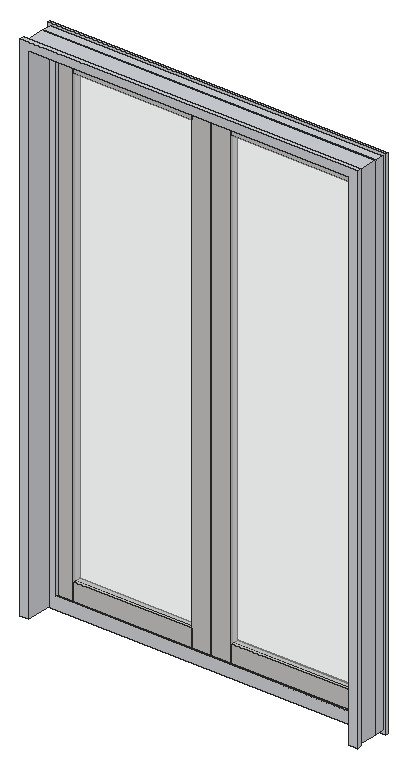
Revit family "APL Residential Thermal Heart French Door Open Out", category Doors, host Wall, Revit 2017 (continued)
Definition of nested family "APL Residential Thermal Heart French Door Open Out Horizontal Section"
  Definition of nested family "Open Out Jamb&Hinge"
    Definition of nested family "65310_Open Out Frame"
      Lines and regions (mm)
        model lines, in view "Ref. Level"
          curve 11: arc (44, 5.161, 0) -> (43.883, 4.878, 0) -> (43.6, 4.761, 0) r 0.4
          curve 12: arc (43.307, 4.761, 0) -> (43.204, 4.775, 0) -> (43.107, 4.815, 0) r 0.4
          curve 13: arc (41.579, 5.699, 0) -> (41.285, 5.821, 0) -> (40.97, 5.861, 0) r 1.2
          curve 14: arc (40.97, 5.861, 0) -> (40.795, 5.808, 0) -> (40.684, 5.664, 0) r 0.3
          curve 15: arc (39.796, 3.224, 0) -> (39.649, 3.033, 0) -> (39.42, 2.961, 0) r 0.4
          curve 16: arc (29.98, 2.961, 0) -> (29.751, 3.033, 0) -> (29.604, 3.224, 0) r 0.4
          curve 17: arc (28.716, 5.664, 0) -> (28.605, 5.808, 0) -> (28.43, 5.861, 0) r 0.3
          curve 18: arc (28.43, 5.861, 0) -> (28.115, 5.821, 0) -> (27.821, 5.699, 0) r 1.2
          curve 19: arc (26.293, 4.815, 0) -> (26.196, 4.775, 0) -> (26.093, 4.761, 0) r 0.4
          curve 20: arc (25.8, 4.761, 0) -> (25.517, 4.878, 0) -> (25.4, 5.161, 0) r 0.4
          curve 21: line (25.8, 8.961, 0) -> (26.093, 8.961, 0)
          curve 22: line (26.293, 8.907, 0) -> (27.821, 8.022, 0)
          curve 23: line (28.422, 7.861, 0) -> (29.345, 7.861, 0)
          curve 24: line (30.284, 7.203, 0) -> (31.077, 5.024, 0)
          curve 25: line (31.453, 4.761, 0) -> (37.947, 4.761, 0)
          curve 26: line (38.323, 5.024, 0) -> (39.116, 7.203, 0)
          curve 27: line (40.055, 7.861, 0) -> (40.978, 7.861, 0)
          curve 28: line (41.579, 8.022, 0) -> (43.107, 8.907, 0)
          curve 29: line (43.307, 8.961, 0) -> (43.6, 8.961, 0)
          curve 30: line (44, 8.561, 0) -> (44, 5.161, 0)
          curve 31: line (43.6, 4.761, 0) -> (43.307, 4.761, 0)
          curve 32: line (43.107, 4.815, 0) -> (41.579, 5.699, 0)
          curve 33: line (40.684, 5.664, 0) -> (39.796, 3.224, 0)
          curve 34: line (39.42, 2.961, 0) -> (29.98, 2.961, 0)
          curve 35: line (29.604, 3.224, 0) -> (28.716, 5.664, 0)
          curve 36: line (27.821, 5.699, 0) -> (26.293, 4.815, 0)
          curve 37: line (26.093, 4.761, 0) -> (25.8, 4.761, 0)
          curve 38: line (25.4, 5.161, 0) -> (25.4, 8.561, 0)
          curve 39: arc (50, 52.5, 0) -> (49.854, 52.854, 0) -> (49.5, 53, 0) r 0.5
          curve 40: arc (43.2, 53, 0) -> (43.059, 52.941, 0) -> (43, 52.8, 0) r 0.2
          curve 41: arc (43, 51.6, 0) -> (43.059, 51.459, 0) -> (43.2, 51.4, 0) r 0.2
          curve 42: arc (48.3, 51.4, 0) -> (48.441, 51.341, 0) -> (48.5, 51.2, 0) r 0.2
          curve 43: arc (48.5, 48.1, 0) -> (48.441, 47.959, 0) -> (48.3, 47.9, 0) r 0.2
          curve 44: arc (45, 48.65, 0) -> (44.846, 48.881, 0) -> (44.573, 48.827, 0) r 0.25
          curve 45: arc (43, 44.6, 0) -> (43.059, 44.459, 0) -> (43.2, 44.4, 0) r 0.2
          curve 46: arc (43.2, 44.4, 0) -> (43.766, 44.634, 0) -> (44, 45.2, 0) r 0.8
          curve 47: arc (46.4, 46, 0) -> (46.8, 45.6, 0) -> (47.2, 46, 0) r 0.4
          curve 48: arc (46.2, 33.5, 0) -> (46.054, 33.854, 0) -> (45.7, 34, 0) r 0.5
          curve 49: arc (44, 34, 0) -> (43.293, 33.707, 0) -> (43, 33, 0) r 1
          curve 50: arc (43, 32.9, 0) -> (43.088, 32.688, 0) -> (43.3, 32.6, 0) r 0.3
          curve 51: arc (44.858, 32.6, 0) -> (45.363, 31.878, 0) -> (46.2, 31.6, 0) r 1.4
          curve 52: arc (47.9, 31.6, 0) -> (48.041, 31.541, 0) -> (48.1, 31.4, 0) r 0.2
          curve 53: arc (48.1, 26.5, 0) -> (47.807, 25.793, 0) -> (47.1, 25.5, 0) r 1
          curve 54: arc (43.083, 25.5, 0) -> (42.778, 25.301, 0) -> (42.505, 25.543, 0) r 0.3
          curve 55: arc (42.505, 25.543, 0) -> (42.439, 25.681, 0) -> (42.313, 25.768, 0) r 0.3
          curve 56: arc (40.903, 26.282, 0) -> (40.617, 26.238, 0) -> (40.501, 25.974, 0) r 0.3
          curve 57: arc (40.708, 23.608, 0) -> (40.735, 23.508, 0) -> (40.795, 23.422, 0) r 0.3
          curve 58: arc (41.159, 23.059, 0) -> (41.352, 23.007, 0) -> (41.493, 23.148, 0) r 0.2
          curve 59: arc (41.538, 23.316, 0) -> (41.59, 23.405, 0) -> (41.679, 23.457, 0) r 0.2
          curve 60: arc (43.9, 24, 0) -> (44.18, 23.807, 0) -> (44.1, 23.476, 0) r 0.3
          curve 61: arc (44.1, 23.476, 0) -> (44.026, 23.375, 0) -> (44, 23.253, 0) r 0.3
          curve 62: arc (44.194, 19.25, 0) -> (44.158, 19.078, 0) -> (44, 19, 0) r 0.2
          curve 63: arc (43.479, 19, 0) -> (43.398, 19.011, 0) -> (43.323, 19.044, 0) r 0.3
          curve 64: arc (42.069, 19.809, 0) -> (42.072, 19.979, 0) -> (41.966, 20.111, 0) r 0.25
          curve 65: arc (41.88, 20.163, 0) -> (41.65, 20.179, 0) -> (41.505, 20, 0) r 0.25
          curve 66: arc (41.255, 20, 0) -> (41.114, 19.941, 0) -> (41.055, 19.8, 0) r 0.2
          curve 67: arc (41.055, 18.984, 0) -> (41.102, 18.772, 0) -> (41.235, 18.6, 0) r 0.5
          curve 68: arc (43.92, 16.362, 0) -> (44.053, 16.19, 0) -> (44.1, 15.978, 0) r 0.5
          curve 69: arc (44.1, 12.522, 0) -> (44.053, 12.31, 0) -> (43.92, 12.138, 0) r 0.5
          curve 70: arc (41.235, 9.9, 0) -> (41.102, 9.728, 0) -> (41.055, 9.516, 0) r 0.5
          curve 71: arc (41.055, 8.7, 0) -> (41.114, 8.559, 0) -> (41.255, 8.5, 0) r 0.2
          curve 72: arc (41.505, 8.5, 0) -> (41.65, 8.321, 0) -> (41.88, 8.337, 0) r 0.25
          curve 73: arc (41.966, 8.389, 0) -> (42.072, 8.521, 0) -> (42.069, 8.691, 0) r 0.25
          curve 74: arc (43.322, 9.456, 0) -> (43.398, 9.489, 0) -> (43.479, 9.5, 0) r 0.3
          curve 75: arc (44, 9.5, 0) -> (44.158, 9.422, 0) -> (44.194, 9.25, 0) r 0.2
          curve 76: arc (44, 5.247, 0) -> (44.026, 5.125, 0) -> (44.1, 5.024, 0) r 0.3
          curve 77: arc (44.1, 5.024, 0) -> (44.18, 4.693, 0) -> (43.9, 4.5, 0) r 0.3
          curve 78: arc (41.679, 5.043, 0) -> (41.59, 5.095, 0) -> (41.538, 5.184, 0) r 0.2
          curve 79: arc (41.493, 5.352, 0) -> (41.352, 5.493, 0) -> (41.159, 5.441, 0) r 0.2
          curve 80: arc (40.795, 5.078, 0) -> (40.735, 4.992, 0) -> (40.708, 4.892, 0) r 0.3
          curve 81: arc (40.501, 2.526, 0) -> (40.617, 2.262, 0) -> (40.903, 2.218, 0) r 0.3
          curve 82: arc (42.313, 2.732, 0) -> (42.439, 2.819, 0) -> (42.505, 2.957, 0) r 0.3
          curve 83: arc (42.505, 2.957, 0) -> (42.778, 3.199, 0) -> (43.083, 3, 0) r 0.3
          curve 84: arc (44.4, 3, 0) -> (44.541, 2.941, 0) -> (44.6, 2.8, 0) r 0.2
          curve 85: arc (44.6, 1.3, 0) -> (44.981, 0.381, 0) -> (45.9, 0, 0) r 1.3
          curve 86: arc (55.35, 0, 0) -> (56, 0.65, 0) -> (55.35, 1.3, 0) r 0.65
          curve 87: arc (46, 23.1, 0) -> (46.146, 23.454, 0) -> (46.5, 23.6, 0) r 0.5
          curve 88: arc (48.1, 23.6, 0) -> (48.454, 23.454, 0) -> (48.6, 23.1, 0) r 0.5
          curve 89: arc (48.6, 21.2, 0) -> (48.746, 20.846, 0) -> (49.1, 20.7, 0) r 0.5
          curve 90: arc (49.5, 20.7, 0) -> (49.854, 20.846, 0) -> (50, 21.2, 0) r 0.5
          curve 91: line (49.5, 53, 0) -> (43.2, 53, 0)
          curve 92: line (43, 52.8, 0) -> (43, 51.6, 0)
          curve 93: line (43.2, 51.4, 0) -> (48.3, 51.4, 0)
          curve 94: line (48.5, 51.2, 0) -> (48.5, 48.1, 0)
          curve 95: line (48.3, 47.9, 0) -> (45, 47.9, 0)
          curve 96: line (45, 47.9, 0) -> (45, 48.65, 0)
          curve 97: line (44.573, 48.827, 0) -> (43.059, 47.312, 0)
          curve 98: line (43.059, 47.312, 0) -> (43, 44.6, 0)
          curve 99: line (44, 45.2, 0) -> (44, 46.5, 0)
          curve 100: line (44, 46.5, 0) -> (46.4, 46.5, 0)
          curve 101: line (46.4, 46.5, 0) -> (46.4, 46, 0)
          curve 102: line (47.2, 46, 0) -> (47.2, 46.5, 0)
          curve 103: line (47.2, 46.5, 0) -> (48.5, 46.5, 0)
          curve 104: line (48.5, 46.5, 0) -> (48.5, 33, 0)
          curve 105: line (48.5, 33, 0) -> (46.2, 33, 0)
          curve 106: line (46.2, 33, 0) -> (46.2, 33.5, 0)
          curve 107: line (45.7, 34, 0) -> (44, 34, 0)
          curve 108: line (43.3, 32.6, 0) -> (44.858, 32.6, 0)
          curve 109: line (46.2, 31.6, 0) -> (47.9, 31.6, 0)
          curve 110: line (48.1, 31.4, 0) -> (48.1, 26.5, 0)
          curve 111: line (47.1, 25.5, 0) -> (43.083, 25.5, 0)
          curve 112: line (42.313, 25.768, 0) -> (40.903, 26.282, 0)
          curve 113: line (40.501, 25.974, 0) -> (40.708, 23.608, 0)
          curve 114: line (40.795, 23.422, 0) -> (41.159, 23.059, 0)
          curve 115: line (41.493, 23.148, 0) -> (41.538, 23.316, 0)
          curve 116: line (41.538, 23.316, 0) -> (43.668, 23.99, 0)
          curve 117: line (43.668, 23.99, 0) -> (43.9, 24, 0)
          curve 118: line (44, 23.253, 0) -> (44, 20.025, 0)
          curve 119: line (44, 20.025, 0) -> (44.194, 19.25, 0)
          curve 120: line (44, 19, 0) -> (43.479, 19, 0)
          curve 121: line (43.479, 19, 0) -> (42.069, 19.809, 0)
          curve 122: line (41.505, 20, 0) -> (41.255, 20, 0)
          curve 123: line (41.055, 19.8, 0) -> (41.055, 18.984, 0)
          curve 124: line (41.235, 18.6, 0) -> (43.92, 16.362, 0)
          curve 125: line (44.1, 15.978, 0) -> (44.1, 12.522, 0)
          curve 126: line (43.92, 12.138, 0) -> (41.235, 9.9, 0)
          curve 127: line (41.055, 9.516, 0) -> (41.055, 8.7, 0)
          curve 128: line (41.255, 8.5, 0) -> (41.505, 8.5, 0)
          curve 129: line (42.069, 8.691, 0) -> (43.322, 9.456, 0)
          curve 130: line (43.322, 9.456, 0) -> (44, 9.5, 0)
          curve 131: line (44.194, 9.25, 0) -> (44.006, 8.525, 0)
          curve 132: line (44.006, 8.525, 0) -> (44, 5.247, 0)
          curve 133: line (43.746, 4.5, 0) -> (41.679, 5.043, 0)
          curve 134: line (41.679, 5.043, 0) -> (41.493, 5.352, 0)
          curve 135: line (41.159, 5.441, 0) -> (40.795, 5.078, 0)
          curve 136: line (40.708, 4.892, 0) -> (40.501, 2.526, 0)
          curve 137: line (40.903, 2.218, 0) -> (42.313, 2.732, 0)
          curve 138: line (43.083, 3, 0) -> (44.4, 3, 0)
          curve 139: line (44.6, 2.8, 0) -> (44.6, 1.3, 0)
          curve 140: line (45.9, 0, 0) -> (47.7, 0, 0)
          curve 141: line (47.7, 0, 0) -> (48, 0.3, 0)
          curve 142: line (48, 0.3, 0) -> (53.25, 0.3, 0)
          curve 143: line (53.25, 0.3, 0) -> (53.55, 0, 0)
          curve 144: line (53.55, 0, 0) -> (55.35, 0, 0)
          curve 145: line (55.35, 1.3, 0) -> (46, 1.3, 0)
          curve 146: line (46, 1.3, 0) -> (46, 23.1, 0)
          curve 147: line (46.5, 23.6, 0) -> (48.1, 23.6, 0)
          curve 148: line (48.6, 23.1, 0) -> (48.6, 21.2, 0)
          curve 149: line (49.1, 20.7, 0) -> (49.5, 20.7, 0)
          curve 150: line (50, 21.2, 0) -> (50, 52.5, 0)
          curve 151: arc (-4.1, 23.1, 0) -> (-4.241, 23.159, 0) -> (-4.3, 23.3, 0) r 0.2
          curve 152: arc (-4.3, 23.9, 0) -> (-4.359, 24.041, 0) -> (-4.5, 24.1, 0) r 0.2
          curve 153: arc (-4.875, 24.1, 0) -> (-5.496, 24.182, 0) -> (-6.075, 24.422, 0) r 2.4
          curve 154: arc (-13.9, 27.9, 0) -> (-14.041, 27.841, 0) -> (-14.1, 27.7, 0) r 0.2
          curve 155: arc (-14.1, -0.131, 0) -> (-13.951, -0.808, 0) -> (-13.528, -1.359, 0) r 1.6
          curve 156: arc (-7.044, -6.8, 0) -> (-6.701, -6.916, 0) -> (-6.369, -6.77, 0) r 0.5
          curve 157: arc (-1.693, -2.094, 0) -> (-1.476, -1.769, 0) -> (-1.4, -1.386, 0) r 1
          curve 158: arc (-1.4, 3.2, 0) -> (-0.844, 4.544, 0) -> (0.5, 5.1, 0) r 1.9
          curve 159: arc (23.3, 5.1, 0) -> (23.441, 5.159, 0) -> (23.5, 5.3, 0) r 0.2
          curve 160: arc (23.5, 16.1, 0) -> (23.441, 16.241, 0) -> (23.3, 16.3, 0) r 0.2
          curve 161: arc (18.3, 16.3, 0) -> (18.159, 16.359, 0) -> (18.1, 16.5, 0) r 0.2
          curve 162: arc (18.1, 17.7, 0) -> (18.159, 17.841, 0) -> (18.3, 17.9, 0) r 0.2
          curve 163: arc (23.3, 17.9, 0) -> (23.441, 17.959, 0) -> (23.5, 18.1, 0) r 0.2
          curve 164: arc (23.5, 23.9, 0) -> (23.441, 24.041, 0) -> (23.3, 24.1, 0) r 0.2
          curve 165: arc (16.301, 24.1, 0) -> (16.159, 24.042, 0) -> (16.1, 23.9, 0) r 0.2
          curve 166: arc (16.1, 23.3, 0) -> (16.041, 23.159, 0) -> (15.9, 23.1, 0) r 0.2
          curve 167: arc (11.3, 23.1, 0) -> (11.159, 23.159, 0) -> (11.1, 23.3, 0) r 0.2
          curve 168: arc (11.1, 23.9, 0) -> (11.041, 24.041, 0) -> (10.9, 24.1, 0) r 0.2
          curve 169: arc (2.7, 24.1, 0) -> (2.559, 24.041, 0) -> (2.5, 23.9, 0) r 0.2
          curve 170: arc (2.5, 16.5, 0) -> (2.441, 16.359, 0) -> (2.3, 16.3, 0) r 0.2
          curve 171: arc (1.3, 16.3, 0) -> (1.159, 16.359, 0) -> (1.1, 16.5, 0) r 0.2
          curve 172: arc (1.1, 22.9, 0) -> (1.041, 23.041, 0) -> (0.9, 23.1, 0) r 0.2
          curve 173: arc (26.317, 25.5, 0) -> (26.622, 25.301, 0) -> (26.895, 25.543, 0) r 0.3
          curve 174: arc (26.895, 25.543, 0) -> (26.961, 25.681, 0) -> (27.087, 25.768, 0) r 0.3
          curve 175: arc (28.497, 26.282, 0) -> (28.783, 26.238, 0) -> (28.899, 25.974, 0) r 0.3
          curve 176: arc (28.692, 23.608, 0) -> (28.665, 23.508, 0) -> (28.605, 23.422, 0) r 0.3
          curve 177: arc (28.241, 23.059, 0) -> (28.048, 23.007, 0) -> (27.907, 23.148, 0) r 0.2
          curve 178: arc (27.862, 23.316, 0) -> (27.81, 23.405, 0) -> (27.721, 23.457, 0) r 0.2
          curve 179: arc (25.5, 24, 0) -> (25.22, 23.807, 0) -> (25.3, 23.476, 0) r 0.3
          curve 180: arc (25.3, 23.476, 0) -> (25.374, 23.375, 0) -> (25.4, 23.253, 0) r 0.3
          curve 181: arc (25.206, 19.25, 0) -> (25.242, 19.078, 0) -> (25.4, 19, 0) r 0.2
          curve 182: arc (25.921, 19, 0) -> (26.002, 19.011, 0) -> (26.077, 19.044, 0) r 0.3
          curve 183: arc (27.331, 19.809, 0) -> (27.328, 19.979, 0) -> (27.434, 20.111, 0) r 0.25
          curve 184: arc (27.52, 20.163, 0) -> (27.75, 20.179, 0) -> (27.895, 20, 0) r 0.25
          curve 185: arc (28.145, 20, 0) -> (28.286, 19.941, 0) -> (28.345, 19.8, 0) r 0.2
          curve 186: arc (28.345, 18.984, 0) -> (28.298, 18.772, 0) -> (28.165, 18.6, 0) r 0.5
          curve 187: arc (25.58, 16.446, 0) -> (25.447, 16.274, 0) -> (25.4, 16.062, 0) r 0.5
          curve 188: arc (25.4, 12.438, 0) -> (25.447, 12.226, 0) -> (25.58, 12.054, 0) r 0.5
          curve 189: arc (28.165, 9.9, 0) -> (28.298, 9.728, 0) -> (28.345, 9.516, 0) r 0.5
          curve 190: arc (28.345, 8.7, 0) -> (28.286, 8.559, 0) -> (28.145, 8.5, 0) r 0.2
          curve 191: arc (27.895, 8.5, 0) -> (27.75, 8.321, 0) -> (27.52, 8.337, 0) r 0.25
          curve 192: arc (27.434, 8.389, 0) -> (27.328, 8.521, 0) -> (27.331, 8.691, 0) r 0.25
          curve 193: arc (26.078, 9.456, 0) -> (26.002, 9.489, 0) -> (25.921, 9.5, 0) r 0.3
          curve 194: arc (25.4, 9.5, 0) -> (25.242, 9.422, 0) -> (25.206, 9.25, 0) r 0.2
          curve 195: arc (25.4, 5.247, 0) -> (25.374, 5.125, 0) -> (25.3, 5.024, 0) r 0.3
          curve 196: arc (25.3, 5.024, 0) -> (25.22, 4.693, 0) -> (25.5, 4.5, 0) r 0.3
          curve 197: arc (27.721, 5.043, 0) -> (27.81, 5.095, 0) -> (27.862, 5.184, 0) r 0.2
          curve 198: arc (27.907, 5.352, 0) -> (28.048, 5.493, 0) -> (28.241, 5.441, 0) r 0.2
          curve 199: arc (28.605, 5.078, 0) -> (28.665, 4.992, 0) -> (28.692, 4.892, 0) r 0.3
          curve 200: arc (28.899, 2.526, 0) -> (28.783, 2.262, 0) -> (28.497, 2.218, 0) r 0.3
          curve 201: arc (27.087, 2.732, 0) -> (26.961, 2.819, 0) -> (26.895, 2.957, 0) r 0.3
          curve 202: arc (26.895, 2.957, 0) -> (26.622, 3.199, 0) -> (26.317, 3, 0) r 0.3
          curve 203: arc (24, 3, 0) -> (23.704, 3.097, 0) -> (23.523, 3.35, 0) r 0.5
          curve 204: arc (23.523, 3.35, 0) -> (23.342, 3.603, 0) -> (23.046, 3.7, 0) r 0.5
          curve 205: arc (0.5, 3.7, 0) -> (0.146, 3.554, 0) -> (0, 3.2, 0) r 0.5
          curve 206: arc (0, -1.801, 0) -> (-0.107, -2.336, 0) -> (-0.41, -2.791, 0) r 1.4
          curve 207: arc (-5.407, -7.787, 0) -> (-5.624, -8.112, 0) -> (-5.7, -8.495, 0) r 1
          curve 208: arc (-5.7, -14.159, 0) -> (-5.623, -14.316, 0) -> (-5.452, -14.353, 0) r 0.2
          curve 209: arc (-5.452, -14.353, 0) -> (-4.643, -14.677, 0) -> (-4.687, -15.548, 0) r 0.75
          curve 210: arc (-4.687, -15.548, 0) -> (-5.025, -16.505, 0) -> (-4.687, -17.462, 0) r 1.525
          curve 211: arc (-4.687, -17.462, 0) -> (-4.594, -17.613, 0) -> (-4.539, -17.781, 0) r 0.75
          curve 212: arc (-4.539, -17.781, 0) -> (-4.442, -17.992, 0) -> (-4.26, -18.136, 0) r 0.5
          curve 213: arc (-4.26, -18.136, 0) -> (-3.5, -18.305, 0) -> (-2.74, -18.137, 0) r 1.8
          curve 214: arc (-2.74, -18.137, 0) -> (-2.558, -17.992, 0) -> (-2.461, -17.78, 0) r 0.5
          curve 215: arc (-2.461, -17.78, 0) -> (-2.406, -17.612, 0) -> (-2.312, -17.461, 0) r 0.737
          curve 216: arc (-2.312, -17.461, 0) -> (-1.975, -16.505, 0) -> (-2.312, -15.549, 0) r 1.525
          curve 217: arc (-2.312, -15.549, 0) -> (-2.2, -14.512, 0) -> (-1.163, -14.624, 0) r 0.737
          curve 218: arc (-1.163, -14.624, 0) -> (-0.507, -16.296, 0) -> (-0.924, -18.044, 0) r 3
          curve 219: arc (-0.924, -18.044, 0) -> (-0.93, -18.547, 0) -> (-0.495, -18.8, 0) r 0.5
          curve 220: arc (-0.2, -18.8, 0) -> (-0.059, -18.859, 0) -> (0, -19, 0) r 0.2
          curve 221: arc (0, -19.8, 0) -> (-0.059, -19.941, 0) -> (-0.2, -20, 0) r 0.2
          curve 222: arc (-6, -20, 0) -> (-6.707, -19.707, 0) -> (-7, -19, 0) r 1
          curve 223: arc (-7, -10.063, 0) -> (-7.281, -8.795, 0) -> (-8.072, -7.765, 0) r 3
          curve 224: arc (-14.428, -2.431, 0) -> (-15.219, -1.401, 0) -> (-15.5, -0.133, 0) r 3
          curve 225: arc (-15.5, 33, 0) -> (-15.207, 33.707, 0) -> (-14.5, 34, 0) r 1
          curve 226: arc (-12.1, 34, 0) -> (-11.393, 33.707, 0) -> (-11.1, 33, 0) r 1
          curve 227: arc (-11.1, 32.9, 0) -> (-11.188, 32.688, 0) -> (-11.4, 32.6, 0) r 0.3
          curve 228: arc (-12.1, 29.3, 0) -> (-11.738, 29.252, 0) -> (-11.4, 29.112, 0) r 1.4
          curve 229: arc (-5.375, 25.634, 0) -> (-5.134, 25.534, 0) -> (-4.875, 25.5, 0) r 1
          curve 230: line (0.9, 23.1, 0) -> (-4.1, 23.1, 0)
          curve 231: line (-4.3, 23.3, 0) -> (-4.3, 23.9, 0)
          curve 232: line (-4.5, 24.1, 0) -> (-4.875, 24.1, 0)
          curve 233: line (-6.075, 24.422, 0) -> (-12.054, 27.873, 0)
          curve 234: line (-12.054, 27.873, 0) -> (-13.9, 27.9, 0)
          curve 235: line (-14.1, 27.7, 0) -> (-14.1, -0.131, 0)
          curve 236: line (-13.528, -1.359, 0) -> (-7.044, -6.8, 0)
          curve 237: line (-6.369, -6.77, 0) -> (-1.693, -2.094, 0)
          curve 238: line (-1.4, -1.386, 0) -> (-1.4, 3.2, 0)
          curve 239: line (0.5, 5.1, 0) -> (23.3, 5.1, 0)
          curve 240: line (23.5, 5.3, 0) -> (23.5, 16.1, 0)
          curve 241: line (23.3, 16.3, 0) -> (18.3, 16.3, 0)
          curve 242: line (18.1, 16.5, 0) -> (18.1, 17.7, 0)
          curve 243: line (18.3, 17.9, 0) -> (23.3, 17.9, 0)
          curve 244: line (23.5, 18.1, 0) -> (23.5, 23.9, 0)
          curve 245: line (23.3, 24.1, 0) -> (16.301, 24.1, 0)
          curve 246: line (16.1, 23.9, 0) -> (16.1, 23.3, 0)
          curve 247: line (15.9, 23.1, 0) -> (11.3, 23.1, 0)
          curve 248: line (11.1, 23.3, 0) -> (11.1, 23.9, 0)
          curve 249: line (10.9, 24.1, 0) -> (2.7, 24.1, 0)
          curve 250: line (2.5, 23.9, 0) -> (2.5, 16.5, 0)
          curve 251: line (2.3, 16.3, 0) -> (1.3, 16.3, 0)
          curve 252: line (1.1, 16.5, 0) -> (1.1, 22.9, 0)
          curve 253: line (27.087, 25.768, 0) -> (28.497, 26.282, 0)
          curve 254: line (28.899, 25.974, 0) -> (28.692, 23.608, 0)
          curve 255: line (28.605, 23.422, 0) -> (28.241, 23.059, 0)
          curve 256: line (27.907, 23.148, 0) -> (27.862, 23.316, 0)
          curve 257: line (27.862, 23.316, 0) -> (25.732, 23.99, 0)
          curve 258: line (25.732, 23.99, 0) -> (25.5, 24, 0)
          curve 259: line (25.4, 23.253, 0) -> (25.4, 20.025, 0)
          curve 260: line (25.4, 20.025, 0) -> (25.206, 19.25, 0)
          curve 261: line (25.4, 19, 0) -> (25.921, 19, 0)
          curve 262: line (25.921, 19, 0) -> (27.331, 19.809, 0)
          curve 263: line (27.895, 20, 0) -> (28.145, 20, 0)
          curve 264: line (28.345, 19.8, 0) -> (28.345, 18.984, 0)
          curve 265: line (28.165, 18.6, 0) -> (25.58, 16.446, 0)
          curve 266: line (25.4, 16.062, 0) -> (25.4, 12.438, 0)
          curve 267: line (25.58, 12.054, 0) -> (28.165, 9.9, 0)
          curve 268: line (28.345, 9.516, 0) -> (28.345, 8.7, 0)
          curve 269: line (28.145, 8.5, 0) -> (27.895, 8.5, 0)
          curve 270: line (27.331, 8.691, 0) -> (26.078, 9.456, 0)
          curve 271: line (26.078, 9.456, 0) -> (25.4, 9.5, 0)
          curve 272: line (25.206, 9.25, 0) -> (25.394, 8.525, 0)
          curve 273: line (25.394, 8.525, 0) -> (25.4, 5.247, 0)
          curve 274: line (25.654, 4.5, 0) -> (27.721, 5.043, 0)
          curve 275: line (27.721, 5.043, 0) -> (27.907, 5.352, 0)
          curve 276: line (28.241, 5.441, 0) -> (28.605, 5.078, 0)
          curve 277: line (28.692, 4.892, 0) -> (28.899, 2.526, 0)
          curve 278: line (28.497, 2.218, 0) -> (27.087, 2.732, 0)
          curve 279: line (26.317, 3, 0) -> (24, 3, 0)
          curve 280: line (23.046, 3.7, 0) -> (17.783, 3.7, 0)
          curve 281: line (17.783, 3.7, 0) -> (17.559, 3.559, 0)
          curve 282: line (17.559, 3.559, 0) -> (12.4, 3.5, 0)
          curve 283: line (12.4, 3.5, 0) -> (12, 3.9, 0)
          curve 284: line (12, 3.9, 0) -> (11.6, 3.5, 0)
          curve 285: line (11.6, 3.5, 0) -> (6.583, 3.5, 0)
          curve 286: line (6.583, 3.5, 0) -> (6.359, 3.641, 0)
          curve 287: line (6.359, 3.641, 0) -> (0.5, 3.7, 0)
          curve 288: line (0, 3.2, 0) -> (0, -1.801, 0)
          curve 289: line (-0.41, -2.791, 0) -> (-5.407, -7.787, 0)
          curve 290: line (-5.7, -8.495, 0) -> (-5.7, -14.159, 0)
          curve 291: line (-0.495, -18.8, 0) -> (-0.2, -18.8, 0)
          curve 292: line (0, -19, 0) -> (0, -19.8, 0)
          curve 293: line (-0.2, -20, 0) -> (-6, -20, 0)
          curve 294: line (-7, -19, 0) -> (-7, -10.063, 0)
          curve 295: line (-8.072, -7.765, 0) -> (-14.428, -2.431, 0)
          curve 296: line (-15.5, -0.133, 0) -> (-15.5, 33, 0)
          curve 297: line (-14.5, 34, 0) -> (-12.1, 34, 0)
          curve 298: line (-11.4, 32.6, 0) -> (-14.1, 32.6, 0)
          curve 299: line (-14.1, 32.6, 0) -> (-14.1, 29.3, 0)
          curve 300: line (-14.1, 29.3, 0) -> (-12.1, 29.3, 0)
          curve 301: line (-11.4, 29.112, 0) -> (-5.375, 25.634, 0)
          curve 302: line (-4.875, 25.5, 0) -> (-2, 25.5, 0)
          curve 303: line (-2, 25.5, 0) -> (-1.6, 25.1, 0)
          curve 304: line (-1.6, 25.1, 0) -> (-1.2, 25.5, 0)
          curve 305: line (-1.2, 25.5, 0) -> (4.1, 25.5, 0)
          curve 306: line (4.1, 25.5, 0) -> (4.5, 25.1, 0)
          curve 307: line (4.5, 25.1, 0) -> (4.9, 25.5, 0)
          curve 308: line (4.9, 25.5, 0) -> (26.317, 25.5, 0)
          curve 309: arc (25.4, 19.939, 0) -> (25.517, 19.656, 0) -> (25.8, 19.539, 0) r 0.4
          curve 310: arc (26.093, 19.539, 0) -> (26.196, 19.553, 0) -> (26.293, 19.593, 0) r 0.4
          curve 311: arc (27.821, 20.478, 0) -> (28.111, 20.598, 0) -> (28.422, 20.639, 0) r 1.2
          curve 312: arc (29.345, 20.639, 0) -> (29.918, 20.82, 0) -> (30.284, 21.297, 0) r 1
          curve 313: arc (31.077, 23.476, 0) -> (31.224, 23.667, 0) -> (31.453, 23.739, 0) r 0.4
          curve 314: arc (37.947, 23.739, 0) -> (38.176, 23.667, 0) -> (38.323, 23.476, 0) r 0.4
          curve 315: arc (39.116, 21.297, 0) -> (39.482, 20.82, 0) -> (40.055, 20.639, 0) r 1
          curve 316: arc (40.978, 20.639, 0) -> (41.289, 20.598, 0) -> (41.579, 20.478, 0) r 1.2
          curve 317: arc (43.107, 19.593, 0) -> (43.204, 19.553, 0) -> (43.307, 19.539, 0) r 0.4
          curve 318: arc (43.6, 19.539, 0) -> (43.883, 19.656, 0) -> (44, 19.939, 0) r 0.4
          curve 319: arc (44, 23.339, 0) -> (43.883, 23.622, 0) -> (43.6, 23.739, 0) r 0.4
          curve 320: arc (43.307, 23.739, 0) -> (43.204, 23.725, 0) -> (43.107, 23.685, 0) r 0.4
          curve 321: arc (41.579, 22.801, 0) -> (41.285, 22.679, 0) -> (40.97, 22.639, 0) r 1.2
          curve 322: arc (40.97, 22.639, 0) -> (40.795, 22.692, 0) -> (40.684, 22.836, 0) r 0.3
          curve 323: arc (39.796, 25.276, 0) -> (39.649, 25.467, 0) -> (39.42, 25.539, 0) r 0.4
          curve 324: arc (29.98, 25.539, 0) -> (29.751, 25.467, 0) -> (29.604, 25.276, 0) r 0.4
          curve 325: arc (28.716, 22.836, 0) -> (28.605, 22.692, 0) -> (28.43, 22.639, 0) r 0.3
          curve 326: arc (28.43, 22.639, 0) -> (28.115, 22.679, 0) -> (27.821, 22.801, 0) r 1.2
          curve 327: arc (26.293, 23.685, 0) -> (26.196, 23.725, 0) -> (26.093, 23.739, 0) r 0.4
          curve 328: arc (25.8, 23.739, 0) -> (25.517, 23.622, 0) -> (25.4, 23.339, 0) r 0.4
          curve 329: line (25.8, 19.539, 0) -> (26.093, 19.539, 0)
          curve 330: line (26.293, 19.593, 0) -> (27.821, 20.478, 0)
          curve 331: line (28.422, 20.639, 0) -> (29.345, 20.639, 0)
          curve 332: line (30.284, 21.297, 0) -> (31.077, 23.476, 0)
          curve 333: line (31.453, 23.739, 0) -> (37.947, 23.739, 0)
          curve 334: line (38.323, 23.476, 0) -> (39.116, 21.297, 0)
          curve 335: line (40.055, 20.639, 0) -> (40.978, 20.639, 0)
          curve 336: line (41.579, 20.478, 0) -> (43.107, 19.593, 0)
          curve 337: line (43.307, 19.539, 0) -> (43.6, 19.539, 0)
          curve 338: line (44, 19.939, 0) -> (44, 23.339, 0)
          curve 339: line (43.6, 23.739, 0) -> (43.307, 23.739, 0)
          curve 340: line (43.107, 23.685, 0) -> (41.579, 22.801, 0)
          curve 341: line (40.684, 22.836, 0) -> (39.796, 25.276, 0)
          curve 342: line (39.42, 25.539, 0) -> (29.98, 25.539, 0)
          curve 343: line (29.604, 25.276, 0) -> (28.716, 22.836, 0)
          curve 344: line (27.821, 22.801, 0) -> (26.293, 23.685, 0)
          curve 345: line (26.093, 23.739, 0) -> (25.8, 23.739, 0)
          curve 346: line (25.4, 23.339, 0) -> (25.4, 19.939, 0)
      Text (mm)
        text "65310" at (6.108, 51.612, 0), in view "Ref. Level"
    Definition of nested family "65210_Lock Stile"
      Reference planes
        plane 1 "Center (Front/Back)": y = 0
        plane 2: z = 0
        plane 3 "Center (Left/Right)": x = 0
      Lines and regions (mm)
        model lines, in view "Ref. Level"
          curve 1: arc (27.4, 64.45, 0) -> (27.272, 64.668, 0) -> (27.019, 64.663, 0) r 0.25
          curve 2: arc (26.934, 64.611, 0) -> (26.828, 64.479, 0) -> (26.831, 64.309, 0) r 0.25
          curve 3: arc (25.577, 63.544, 0) -> (25.502, 63.511, 0) -> (25.421, 63.5, 0) r 0.3
          curve 4: arc (24.9, 63.5, 0) -> (24.742, 63.578, 0) -> (24.706, 63.75, 0) r 0.2
          curve 5: arc (24.9, 67.753, 0) -> (24.874, 67.875, 0) -> (24.8, 67.976, 0) r 0.3
          curve 6: arc (24.8, 67.976, 0) -> (24.72, 68.307, 0) -> (25, 68.5, 0) r 0.3
          curve 7: arc (27.221, 67.957, 0) -> (27.31, 67.905, 0) -> (27.362, 67.816, 0) r 0.2
          curve 8: arc (27.407, 67.648, 0) -> (27.548, 67.507, 0) -> (27.741, 67.559, 0) r 0.2
          curve 9: arc (28.105, 67.922, 0) -> (28.165, 68.008, 0) -> (28.192, 68.108, 0) r 0.3
          curve 10: arc (28.399, 70.474, 0) -> (28.283, 70.738, 0) -> (27.997, 70.782, 0) r 0.3
          curve 11: arc (26.587, 70.268, 0) -> (26.461, 70.181, 0) -> (26.395, 70.043, 0) r 0.3
          curve 12: arc (26.395, 70.043, 0) -> (26.122, 69.801, 0) -> (25.817, 70, 0) r 0.3
          curve 13: arc (24.003, 70, 0) -> (23.295, 69.707, 0) -> (23.003, 69, 0) r 1
          curve 14: arc (23.003, 63.28, 0) -> (22.944, 63.139, 0) -> (22.803, 63.08, 0) r 0.2
          curve 15: arc (17.703, 63.08, 0) -> (17.561, 63.139, 0) -> (17.503, 63.28, 0) r 0.2
          curve 16: arc (17.503, 69, 0) -> (17.21, 69.707, 0) -> (16.503, 70, 0) r 1
          curve 17: arc (9.5, 70, 0) -> (9.359, 69.941, 0) -> (9.3, 69.8, 0) r 0.2
          curve 18: arc (9.3, 69.5, 0) -> (9.38, 69.2, 0) -> (9.6, 68.98, 0) r 0.6
          curve 19: arc (10.7, 68.345, 0) -> (10.773, 68.272, 0) -> (10.8, 68.172, 0) r 0.2
          curve 20: arc (10.8, 64.08, 0) -> (10.507, 63.373, 0) -> (9.8, 63.08, 0) r 1
          curve 21: arc (2.42, 63.08, 0) -> (1.721, 63.366, 0) -> (1.421, 64.06, 0) r 1
          curve 22: arc (1.322, 68.935, 0) -> (1.357, 69.052, 0) -> (1.453, 69.127, 0) r 0.2
          curve 23: arc (1.453, 69.127, 0) -> (1.621, 69.234, 0) -> (1.725, 69.403, 0) r 0.45
          curve 24: arc (1.725, 69.403, 0) -> (1.729, 69.522, 0) -> (1.665, 69.621, 0) r 0.2
          curve 25: arc (0.2, 70, 0) -> (0.059, 69.941, 0) -> (0, 69.8, 0) r 0.2
          curve 26: arc (0, 0.501, 0) -> (0.146, 0.147, 0) -> (0.5, 0, 0) r 0.5
          curve 27: arc (1, 0, 0) -> (1.354, 0.146, 0) -> (1.5, 0.5, 0) r 0.5
          curve 28: arc (1.5, 2.8, 0) -> (1.559, 2.941, 0) -> (1.7, 3, 0) r 0.2
          curve 29: arc (31.817, 3, 0) -> (32.122, 3.199, 0) -> (32.395, 2.957, 0) r 0.3
          curve 30: arc (32.395, 2.957, 0) -> (32.461, 2.819, 0) -> (32.587, 2.732, 0) r 0.3
          curve 31: arc (33.997, 2.218, 0) -> (34.283, 2.262, 0) -> (34.399, 2.526, 0) r 0.3
          curve 32: arc (34.192, 4.892, 0) -> (34.165, 4.992, 0) -> (34.105, 5.078, 0) r 0.3
          curve 33: arc (33.741, 5.441, 0) -> (33.548, 5.493, 0) -> (33.407, 5.352, 0) r 0.2
          curve 34: arc (33.362, 5.184, 0) -> (33.31, 5.095, 0) -> (33.221, 5.043, 0) r 0.2
          curve 35: arc (31, 4.5, 0) -> (30.72, 4.693, 0) -> (30.8, 5.024, 0) r 0.3
          curve 36: arc (30.8, 5.024, 0) -> (30.874, 5.125, 0) -> (30.9, 5.247, 0) r 0.3
          curve 37: arc (30.706, 9.25, 0) -> (30.742, 9.422, 0) -> (30.9, 9.5, 0) r 0.2
          curve 38: arc (31.421, 9.5, 0) -> (31.502, 9.489, 0) -> (31.577, 9.456, 0) r 0.3
          curve 39: arc (32.831, 8.691, 0) -> (32.828, 8.521, 0) -> (32.934, 8.389, 0) r 0.25
          curve 40: arc (33.02, 8.337, 0) -> (33.272, 8.332, 0) -> (33.4, 8.55, 0) r 0.25
          curve 41: arc (33.4, 11.2, 0) -> (33.341, 11.341, 0) -> (33.2, 11.4, 0) r 0.2
          curve 42: arc (30, 11.4, 0) -> (29.293, 11.107, 0) -> (29, 10.4, 0) r 1
          curve 43: arc (2.1, 4.6, 0) -> (1.746, 4.746, 0) -> (1.6, 5.1, 0) r 0.5
          curve 44: arc (1.6, 60.98, 0) -> (1.746, 61.334, 0) -> (2.1, 61.48, 0) r 0.5
          curve 45: arc (9.8, 61.48, 0) -> (11.638, 62.242, 0) -> (12.4, 64.08, 0) r 2.6
          curve 46: arc (12.4, 68.2, 0) -> (12.459, 68.341, 0) -> (12.6, 68.4, 0) r 0.2
          curve 47: arc (15.703, 68.4, 0) -> (15.844, 68.341, 0) -> (15.903, 68.2, 0) r 0.2
          curve 48: arc (15.903, 62, 0) -> (16.049, 61.646, 0) -> (16.403, 61.5, 0) r 0.5
          curve 49: arc (27.2, 61.5, 0) -> (27.341, 61.559, 0) -> (27.4, 61.7, 0) r 0.2
          curve 50: line (26.831, 64.309, 0) -> (25.577, 63.544, 0)
          curve 51: line (25.577, 63.544, 0) -> (24.9, 63.5, 0)
          curve 52: line (24.706, 63.75, 0) -> (24.894, 64.475, 0)
          curve 53: line (24.894, 64.475, 0) -> (24.9, 67.753, 0)
          curve 54: line (25.154, 68.5, 0) -> (27.221, 67.957, 0)
          curve 55: line (27.221, 67.957, 0) -> (27.407, 67.648, 0)
          curve 56: line (27.741, 67.559, 0) -> (28.105, 67.922, 0)
          curve 57: line (28.192, 68.108, 0) -> (28.399, 70.474, 0)
          curve 58: line (27.997, 70.782, 0) -> (26.587, 70.268, 0)
          curve 59: line (25.817, 70, 0) -> (24.003, 70, 0)
          curve 60: line (23.003, 69, 0) -> (23.003, 63.28, 0)
          curve 61: line (22.803, 63.08, 0) -> (17.703, 63.08, 0)
          curve 62: line (17.503, 63.28, 0) -> (17.503, 69, 0)
          curve 63: line (16.503, 70, 0) -> (9.5, 70, 0)
          curve 64: line (9.3, 69.8, 0) -> (9.3, 69.5, 0)
          curve 65: line (9.6, 68.98, 0) -> (10.7, 68.345, 0)
          curve 66: line (10.8, 68.172, 0) -> (10.8, 64.08, 0)
          curve 67: line (9.8, 63.08, 0) -> (2.42, 63.08, 0)
          curve 68: line (1.421, 64.06, 0) -> (1.322, 68.935, 0)
          curve 69: line (1.665, 69.621, 0) -> (1.269, 69.953, 0)
          curve 70: line (1.269, 69.953, 0) -> (0.2, 70, 0)
          curve 71: line (0, 69.8, 0) -> (0, 0.501, 0)
          curve 72: line (0.5, 0, 0) -> (1, 0, 0)
          curve 73: line (1.5, 0.5, 0) -> (1.5, 2.8, 0)
          curve 74: line (1.7, 3, 0) -> (17.6, 3, 0)
          curve 75: line (17.6, 3, 0) -> (18, 3.4, 0)
          curve 76: line (18, 3.4, 0) -> (18.4, 3, 0)
          curve 77: line (18.4, 3, 0) -> (19.6, 3, 0)
          curve 78: line (19.6, 3, 0) -> (20, 3.4, 0)
          curve 79: line (20, 3.4, 0) -> (20.4, 3, 0)
          curve 80: line (20.4, 3, 0) -> (31.817, 3, 0)
          curve 81: line (32.587, 2.732, 0) -> (33.997, 2.218, 0)
          curve 82: line (34.399, 2.526, 0) -> (34.192, 4.892, 0)
          curve 83: line (34.105, 5.078, 0) -> (33.741, 5.441, 0)
          curve 84: line (33.407, 5.352, 0) -> (33.362, 5.184, 0)
          curve 85: line (33.362, 5.184, 0) -> (31.232, 4.51, 0)
          curve 86: line (31.232, 4.51, 0) -> (31, 4.5, 0)
          curve 87: line (30.9, 5.247, 0) -> (30.9, 8.475, 0)
          curve 88: line (30.9, 8.475, 0) -> (30.706, 9.25, 0)
          curve 89: line (30.9, 9.5, 0) -> (31.421, 9.5, 0)
          curve 90: line (31.421, 9.5, 0) -> (32.831, 8.691, 0)
          curve 91: line (33.4, 8.55, 0) -> (33.4, 11.2, 0)
          curve 92: line (33.2, 11.4, 0) -> (30, 11.4, 0)
          curve 93: line (29, 10.4, 0) -> (29, 5.8, 0)
          curve 94: line (29, 5.8, 0) -> (23.5, 5.8, 0)
          curve 95: line (23.5, 5.8, 0) -> (22.3, 4.6, 0)
          curve 96: line (22.3, 4.6, 0) -> (15.7, 4.6, 0)
          curve 97: line (15.7, 4.6, 0) -> (14.5, 5.8, 0)
          curve 98: line (14.5, 5.8, 0) -> (9.5, 5.8, 0)
          curve 99: line (9.5, 5.8, 0) -> (8.3, 4.6, 0)
          curve 100: line (8.3, 4.6, 0) -> (2.1, 4.6, 0)
          curve 101: line (1.6, 5.1, 0) -> (1.6, 60.98, 0)
          curve 102: line (2.1, 61.48, 0) -> (9.8, 61.48, 0)
          curve 103: line (12.4, 64.08, 0) -> (12.4, 68.2, 0)
          curve 104: line (12.6, 68.4, 0) -> (15.703, 68.4, 0)
          curve 105: line (15.903, 68.2, 0) -> (15.903, 62, 0)
          curve 106: line (16.403, 61.5, 0) -> (19.603, 61.5, 0)
          curve 107: line (19.603, 61.5, 0) -> (20.003, 61.9, 0)
          curve 108: line (20.003, 61.9, 0) -> (20.403, 61.5, 0)
          curve 109: line (20.403, 61.5, 0) -> (27.2, 61.5, 0)
          curve 110: line (27.4, 61.7, 0) -> (27.4, 64.45, 0)
          curve 111: line (27.4, 64.45, 0) -> (27.4, 63.6, 0)
          curve 112: arc (41, 62.874, 0) -> (41.128, 62.385, 0) -> (41.479, 62.021, 0) r 1
          curve 113: arc (42.049, 61.673, 0) -> (42.174, 61.619, 0) -> (42.309, 61.6, 0) r 0.5
          curve 114: arc (44.9, 61.6, 0) -> (45.254, 61.746, 0) -> (45.4, 62.1, 0) r 0.5
          curve 115: arc (45.4, 68.091, 0) -> (45.455, 68.318, 0) -> (45.608, 68.496, 0) r 0.5
          curve 116: arc (45.608, 68.496, 0) -> (45.836, 68.687, 0) -> (46.035, 68.908, 0) r 2.1
          curve 117: arc (46.035, 68.908, 0) -> (46.21, 69.049, 0) -> (46.429, 69.1, 0) r 0.5
          curve 118: arc (49.6, 69.1, 0) -> (49.954, 68.954, 0) -> (50.1, 68.6, 0) r 0.5
          curve 119: arc (50.1, 15.4, 0) -> (49.954, 15.046, 0) -> (49.6, 14.9, 0) r 0.5
          curve 120: arc (45.3, 14.9, 0) -> (45.159, 14.841, 0) -> (45.1, 14.7, 0) r 0.2
          curve 121: arc (45.1, 13.1, 0) -> (45.159, 12.959, 0) -> (45.3, 12.9, 0) r 0.2
          curve 122: arc (49.9, 12.9, 0) -> (50.041, 12.841, 0) -> (50.1, 12.7, 0) r 0.2
          curve 123: arc (50.1, 11.7, 0) -> (50.041, 11.559, 0) -> (49.9, 11.5, 0) r 0.2
          curve 124: arc (48.473, 11.5, 0) -> (48.338, 11.481, 0) -> (48.212, 11.427, 0) r 0.5
          curve 125: arc (47.479, 10.979, 0) -> (47.128, 10.615, 0) -> (47, 10.126, 0) r 1
          curve 126: arc (47, 8.55, 0) -> (47.128, 8.332, 0) -> (47.38, 8.337, 0) r 0.25
          curve 127: arc (47.466, 8.389, 0) -> (47.572, 8.521, 0) -> (47.569, 8.691, 0) r 0.25
          curve 128: arc (48.823, 9.456, 0) -> (48.898, 9.489, 0) -> (48.979, 9.5, 0) r 0.3
          curve 129: arc (49.5, 9.5, 0) -> (49.658, 9.422, 0) -> (49.694, 9.25, 0) r 0.2
          curve 130: arc (49.5, 5.247, 0) -> (49.526, 5.125, 0) -> (49.6, 5.024, 0) r 0.3
          curve 131: arc (49.6, 5.024, 0) -> (49.68, 4.693, 0) -> (49.4, 4.5, 0) r 0.3
          curve 132: arc (47.179, 5.043, 0) -> (47.09, 5.095, 0) -> (47.038, 5.184, 0) r 0.2
          curve 133: arc (46.993, 5.352, 0) -> (46.852, 5.493, 0) -> (46.659, 5.441, 0) r 0.2
          curve 134: arc (46.295, 5.078, 0) -> (46.235, 4.992, 0) -> (46.208, 4.892, 0) r 0.3
          curve 135: arc (46.001, 2.526, 0) -> (46.117, 2.262, 0) -> (46.403, 2.218, 0) r 0.3
          curve 136: arc (47.813, 2.732, 0) -> (47.939, 2.819, 0) -> (48.005, 2.957, 0) r 0.3
          curve 137: arc (48.005, 2.957, 0) -> (48.278, 3.199, 0) -> (48.583, 3, 0) r 0.3
          curve 138: arc (50.5, 0.5, 0) -> (50.646, 0.146, 0) -> (51, 0, 0) r 0.5
          curve 139: arc (51.5, 0, 0) -> (51.854, 0.146, 0) -> (52, 0.5, 0) r 0.5
          curve 140: arc (52, 89.2, 0) -> (51.8, 89.4, 0) -> (51.6, 89.2, 0) r 0.2
          curve 141: arc (43, 89, 0) -> (42.646, 88.854, 0) -> (42.5, 88.5, 0) r 0.5
          curve 142: arc (42.5, 87.25, 0) -> (43, 86.75, 0) -> (43.5, 87.25, 0) r 0.5
          curve 143: arc (43.5, 87.8, 0) -> (43.559, 87.941, 0) -> (43.7, 88, 0) r 0.2
          curve 144: arc (44.8, 88, 0) -> (44.941, 87.941, 0) -> (45, 87.8, 0) r 0.2
          curve 145: arc (45, 82.7, 0) -> (44.941, 82.559, 0) -> (44.8, 82.5, 0) r 0.2
          curve 146: arc (43.7, 82.5, 0) -> (43.559, 82.559, 0) -> (43.5, 82.7, 0) r 0.2
          curve 147: arc (43.5, 83.25, 0) -> (43, 83.75, 0) -> (42.5, 83.25, 0) r 0.5
          curve 148: arc (42.5, 81.7, 0) -> (42.559, 81.559, 0) -> (42.7, 81.5, 0) r 0.2
          curve 149: arc (46, 81.5, 0) -> (46.354, 81.646, 0) -> (46.5, 82, 0) r 0.5
          curve 150: arc (46.5, 87, 0) -> (46.646, 87.354, 0) -> (47, 87.5, 0) r 0.5
          curve 151: arc (49.6, 87.5, 0) -> (49.954, 87.354, 0) -> (50.1, 87, 0) r 0.5
          curve 152: arc (50.1, 71.5, 0) -> (49.954, 71.146, 0) -> (49.6, 71, 0) r 0.5
          curve 153: arc (44.78, 71, 0) -> (44.639, 70.941, 0) -> (44.58, 70.8, 0) r 0.2
          curve 154: arc (44.58, 70.2, 0) -> (44.521, 70.059, 0) -> (44.38, 70, 0) r 0.2
          curve 155: arc (42.583, 70, 0) -> (42.278, 69.801, 0) -> (42.005, 70.043, 0) r 0.3
          curve 156: arc (42.005, 70.043, 0) -> (41.939, 70.181, 0) -> (41.813, 70.268, 0) r 0.3
          curve 157: arc (40.403, 70.782, 0) -> (40.117, 70.738, 0) -> (40.001, 70.474, 0) r 0.3
          curve 158: arc (40.208, 68.108, 0) -> (40.235, 68.008, 0) -> (40.295, 67.922, 0) r 0.3
          curve 159: arc (40.659, 67.559, 0) -> (40.852, 67.507, 0) -> (40.993, 67.648, 0) r 0.2
          curve 160: arc (41.038, 67.816, 0) -> (41.09, 67.905, 0) -> (41.179, 67.957, 0) r 0.2
          curve 161: arc (43.4, 68.5, 0) -> (43.68, 68.307, 0) -> (43.6, 67.976, 0) r 0.3
          curve 162: arc (43.6, 67.976, 0) -> (43.526, 67.875, 0) -> (43.5, 67.753, 0) r 0.3
          curve 163: arc (43.694, 63.75, 0) -> (43.658, 63.578, 0) -> (43.5, 63.5, 0) r 0.2
          curve 164: arc (42.979, 63.5, 0) -> (42.898, 63.511, 0) -> (42.823, 63.544, 0) r 0.3
          curve 165: arc (41.569, 64.309, 0) -> (41.572, 64.479, 0) -> (41.466, 64.611, 0) r 0.25
          curve 166: line (41, 64.45, 0) -> (41, 62.874, 0)
          curve 167: line (41.479, 62.021, 0) -> (42.049, 61.673, 0)
          curve 168: line (42.309, 61.6, 0) -> (44.9, 61.6, 0)
          curve 169: line (45.4, 62.1, 0) -> (45.4, 68.091, 0)
          curve 170: line (46.429, 69.1, 0) -> (49.6, 69.1, 0)
          curve 171: line (50.1, 68.6, 0) -> (50.1, 15.4, 0)
          curve 172: line (49.6, 14.9, 0) -> (45.3, 14.9, 0)
          curve 173: line (45.1, 14.7, 0) -> (45.1, 13.1, 0)
          curve 174: line (45.3, 12.9, 0) -> (49.9, 12.9, 0)
          curve 175: line (50.1, 12.7, 0) -> (50.1, 11.7, 0)
          curve 176: line (49.9, 11.5, 0) -> (48.473, 11.5, 0)
          curve 177: line (48.212, 11.427, 0) -> (47.479, 10.979, 0)
          curve 178: line (47, 10.126, 0) -> (47, 8.55, 0)
          curve 179: line (47.569, 8.691, 0) -> (48.823, 9.456, 0)
          curve 180: line (48.823, 9.456, 0) -> (49.5, 9.5, 0)
          curve 181: line (49.694, 9.25, 0) -> (49.506, 8.525, 0)
          curve 182: line (49.506, 8.525, 0) -> (49.5, 5.247, 0)
          curve 183: line (49.246, 4.5, 0) -> (47.179, 5.043, 0)
          curve 184: line (47.179, 5.043, 0) -> (46.993, 5.352, 0)
          curve 185: line (46.659, 5.441, 0) -> (46.295, 5.078, 0)
          curve 186: line (46.208, 4.892, 0) -> (46.001, 2.526, 0)
          curve 187: line (46.403, 2.218, 0) -> (47.813, 2.732, 0)
          curve 188: line (48.583, 3, 0) -> (50.5, 3, 0)
          curve 189: line (50.5, 3, 0) -> (50.5, 0.5, 0)
          curve 190: line (51, 0, 0) -> (51.5, 0, 0)
          curve 191: line (52, 0.5, 0) -> (52, 89.2, 0)
          curve 192: line (51.6, 89.2, 0) -> (51.6, 89, 0)
          curve 193: line (51.6, 89, 0) -> (43, 89, 0)
          curve 194: line (42.5, 88.5, 0) -> (42.5, 87.25, 0)
          curve 195: line (43.5, 87.25, 0) -> (43.5, 87.8, 0)
          curve 196: line (43.7, 88, 0) -> (44.8, 88, 0)
          curve 197: line (45, 87.8, 0) -> (45, 82.7, 0)
          curve 198: line (44.8, 82.5, 0) -> (43.7, 82.5, 0)
          curve 199: line (43.5, 82.7, 0) -> (43.5, 83.25, 0)
          curve 200: line (42.5, 83.25, 0) -> (42.5, 81.7, 0)
          curve 201: line (42.7, 81.5, 0) -> (46, 81.5, 0)
          curve 202: line (46.5, 82, 0) -> (46.5, 87, 0)
          curve 203: line (47, 87.5, 0) -> (49.6, 87.5, 0)
          curve 204: line (50.1, 87, 0) -> (50.1, 71.5, 0)
          curve 205: line (49.6, 71, 0) -> (44.78, 71, 0)
          curve 206: line (44.58, 70.8, 0) -> (44.58, 70.2, 0)
          curve 207: line (44.38, 70, 0) -> (42.583, 70, 0)
          curve 208: line (41.813, 70.268, 0) -> (40.403, 70.782, 0)
          curve 209: line (40.001, 70.474, 0) -> (40.208, 68.108, 0)
          curve 210: line (40.295, 67.922, 0) -> (40.659, 67.559, 0)
          curve 211: line (40.993, 67.648, 0) -> (41.038, 67.816, 0)
          curve 212: line (41.038, 67.816, 0) -> (43.168, 68.49, 0)
          curve 213: line (43.168, 68.49, 0) -> (43.4, 68.5, 0)
          curve 214: line (43.5, 67.753, 0) -> (43.5, 64.525, 0)
          curve 215: line (43.5, 64.525, 0) -> (43.694, 63.75, 0)
          curve 216: line (43.5, 63.5, 0) -> (42.979, 63.5, 0)
          curve 217: line (42.979, 63.5, 0) -> (41.569, 64.309, 0)
          curve 218: arc (41.38, 64.663, 0) -> (41.128, 64.668, 0) -> (41, 64.45, 0) r 0.25
          curve 219: arc (30.9, 8.561, 0) -> (31.017, 8.844, 0) -> (31.3, 8.961, 0) r 0.4
          curve 220: arc (31.593, 8.961, 0) -> (31.696, 8.947, 0) -> (31.793, 8.907, 0) r 0.4
          curve 221: arc (33.321, 8.022, 0) -> (33.611, 7.902, 0) -> (33.922, 7.861, 0) r 1.2
          curve 222: arc (34.845, 7.861, 0) -> (35.418, 7.68, 0) -> (35.784, 7.203, 0) r 1
          curve 223: arc (36.577, 5.024, 0) -> (36.724, 4.833, 0) -> (36.953, 4.761, 0) r 0.4
          curve 224: arc (43.447, 4.761, 0) -> (43.676, 4.833, 0) -> (43.823, 5.024, 0) r 0.4
          curve 225: arc (44.616, 7.203, 0) -> (44.982, 7.68, 0) -> (45.555, 7.861, 0) r 1
          curve 226: arc (46.478, 7.861, 0) -> (46.789, 7.902, 0) -> (47.079, 8.022, 0) r 1.2
          curve 227: arc (48.607, 8.907, 0) -> (48.704, 8.947, 0) -> (48.807, 8.961, 0) r 0.4
          curve 228: arc (49.1, 8.961, 0) -> (49.383, 8.844, 0) -> (49.5, 8.561, 0) r 0.4
          curve 229: arc (49.5, 5.161, 0) -> (49.383, 4.878, 0) -> (49.1, 4.761, 0) r 0.4
          curve 230: arc (48.807, 4.761, 0) -> (48.704, 4.775, 0) -> (48.607, 4.815, 0) r 0.4
          curve 231: arc (47.079, 5.699, 0) -> (46.785, 5.821, 0) -> (46.47, 5.861, 0) r 1.2
          curve 232: arc (46.47, 5.861, 0) -> (46.295, 5.808, 0) -> (46.184, 5.664, 0) r 0.3
          curve 233: arc (45.296, 3.224, 0) -> (45.149, 3.033, 0) -> (44.92, 2.961, 0) r 0.4
          curve 234: arc (35.48, 2.961, 0) -> (35.251, 3.033, 0) -> (35.104, 3.224, 0) r 0.4
          curve 235: arc (34.216, 5.664, 0) -> (34.105, 5.808, 0) -> (33.93, 5.861, 0) r 0.3
          curve 236: arc (33.93, 5.861, 0) -> (33.615, 5.821, 0) -> (33.321, 5.699, 0) r 1.2
          curve 237: arc (31.793, 4.815, 0) -> (31.696, 4.775, 0) -> (31.593, 4.761, 0) r 0.4
          curve 238: arc (31.3, 4.761, 0) -> (31.017, 4.878, 0) -> (30.9, 5.161, 0) r 0.4
          curve 239: line (31.3, 8.961, 0) -> (31.593, 8.961, 0)
          curve 240: line (31.793, 8.907, 0) -> (33.321, 8.022, 0)
          curve 241: line (33.922, 7.861, 0) -> (34.845, 7.861, 0)
          curve 242: line (35.784, 7.203, 0) -> (36.577, 5.024, 0)
          curve 243: line (36.953, 4.761, 0) -> (43.447, 4.761, 0)
          curve 244: line (43.823, 5.024, 0) -> (44.616, 7.203, 0)
          curve 245: line (45.555, 7.861, 0) -> (46.478, 7.861, 0)
          curve 246: line (47.079, 8.022, 0) -> (48.607, 8.907, 0)
          curve 247: line (48.807, 8.961, 0) -> (49.1, 8.961, 0)
          curve 248: line (49.5, 8.561, 0) -> (49.5, 5.161, 0)
          curve 249: line (49.1, 4.761, 0) -> (48.807, 4.761, 0)
          curve 250: line (48.607, 4.815, 0) -> (47.079, 5.699, 0)
          curve 251: line (46.184, 5.664, 0) -> (45.296, 3.224, 0)
          curve 252: line (44.92, 2.961, 0) -> (35.48, 2.961, 0)
          curve 253: line (35.104, 3.224, 0) -> (34.216, 5.664, 0)
          curve 254: line (33.321, 5.699, 0) -> (31.793, 4.815, 0)
          curve 255: line (31.593, 4.761, 0) -> (31.3, 4.761, 0)
          curve 256: line (30.9, 5.161, 0) -> (30.9, 8.561, 0)
          curve 257: arc (24.9, 64.439, 0) -> (25.017, 64.156, 0) -> (25.3, 64.039, 0) r 0.4
          curve 258: arc (25.593, 64.039, 0) -> (25.696, 64.053, 0) -> (25.793, 64.093, 0) r 0.4
          curve 259: arc (27.321, 64.978, 0) -> (27.611, 65.098, 0) -> (27.922, 65.139, 0) r 1.2
          curve 260: arc (28.845, 65.139, 0) -> (29.418, 65.32, 0) -> (29.784, 65.797, 0) r 1
          curve 261: arc (30.577, 67.976, 0) -> (30.724, 68.167, 0) -> (30.953, 68.239, 0) r 0.4
          curve 262: arc (37.447, 68.239, 0) -> (37.676, 68.167, 0) -> (37.823, 67.976, 0) r 0.4
          curve 263: arc (38.616, 65.797, 0) -> (38.982, 65.32, 0) -> (39.555, 65.139, 0) r 1
          curve 264: arc (40.478, 65.139, 0) -> (40.789, 65.098, 0) -> (41.079, 64.978, 0) r 1.2
          curve 265: arc (42.607, 64.093, 0) -> (42.704, 64.053, 0) -> (42.807, 64.039, 0) r 0.4
          curve 266: arc (43.1, 64.039, 0) -> (43.383, 64.156, 0) -> (43.5, 64.439, 0) r 0.4
          curve 267: arc (43.5, 67.839, 0) -> (43.383, 68.122, 0) -> (43.1, 68.239, 0) r 0.4
          curve 268: arc (42.807, 68.239, 0) -> (42.704, 68.225, 0) -> (42.607, 68.185, 0) r 0.4
          curve 269: arc (41.079, 67.301, 0) -> (40.785, 67.179, 0) -> (40.47, 67.139, 0) r 1.2
          curve 270: arc (40.47, 67.139, 0) -> (40.295, 67.192, 0) -> (40.184, 67.336, 0) r 0.3
          curve 271: arc (39.296, 69.776, 0) -> (39.149, 69.967, 0) -> (38.92, 70.039, 0) r 0.4
          curve 272: arc (29.48, 70.039, 0) -> (29.251, 69.967, 0) -> (29.104, 69.776, 0) r 0.4
          curve 273: arc (28.216, 67.336, 0) -> (28.105, 67.192, 0) -> (27.93, 67.139, 0) r 0.3
          curve 274: arc (27.93, 67.139, 0) -> (27.615, 67.179, 0) -> (27.321, 67.301, 0) r 1.2
          curve 275: arc (25.793, 68.185, 0) -> (25.696, 68.225, 0) -> (25.593, 68.239, 0) r 0.4
          curve 276: arc (25.3, 68.239, 0) -> (25.017, 68.122, 0) -> (24.9, 67.839, 0) r 0.4
          curve 277: line (25.3, 64.039, 0) -> (25.593, 64.039, 0)
          curve 278: line (25.793, 64.093, 0) -> (27.321, 64.978, 0)
          curve 279: line (27.922, 65.139, 0) -> (28.845, 65.139, 0)
          curve 280: line (29.784, 65.797, 0) -> (30.577, 67.976, 0)
          curve 281: line (30.953, 68.239, 0) -> (37.447, 68.239, 0)
          curve 282: line (37.823, 67.976, 0) -> (38.616, 65.797, 0)
          curve 283: line (39.555, 65.139, 0) -> (40.478, 65.139, 0)
          curve 284: line (41.079, 64.978, 0) -> (42.607, 64.093, 0)
          curve 285: line (42.807, 64.039, 0) -> (43.1, 64.039, 0)
          curve 286: line (43.5, 64.439, 0) -> (43.5, 67.839, 0)
          curve 287: line (43.1, 68.239, 0) -> (42.807, 68.239, 0)
          curve 288: line (42.607, 68.185, 0) -> (41.079, 67.301, 0)
          curve 289: line (40.184, 67.336, 0) -> (39.296, 69.776, 0)
          curve 290: line (38.92, 70.039, 0) -> (29.48, 70.039, 0)
          curve 291: line (29.104, 69.776, 0) -> (28.216, 67.336, 0)
          curve 292: line (27.321, 67.301, 0) -> (25.793, 68.185, 0)
          curve 293: line (25.593, 68.239, 0) -> (25.3, 68.239, 0)
          curve 294: line (24.9, 67.839, 0) -> (24.9, 64.439, 0)
      Text (mm)
        text "65210" at (8.097, 105.51, 0), in view "Ref. Level"
  Definition of nested family "Glazing Bead"
    Parameters (values of type "Glazing Bead")
      Glass Lenght [instance] = 50 mm
    Reference planes
      plane 1 "Center (Front/Back)": y = 0
      plane 2: z = 0
      plane 3 "Center (Left/Right)": x = 0
      plane 4: y = -50
    Lines and regions (mm)
      Filled region 1, type "Solid Fill - Black", in view "Ref. Level"
        outline origin (0, 0, 0) x (1, 0, 0) y (0, 1, 0)
          loop
            line (4, 0) -> (4, -12) -> (20, -12) -> (20, 0) -> (4, 0)
      model lines, in view "Ref. Level"
        curve 1: line (4, -12, 0) -> (20, -12, 0)
        curve 2: line (0, -50, 0) -> (0, 0, 0)
        curve 3: line (0, 0, 0) -> (24, 0, 0)
        curve 4: line (24, 0, 0) -> (24, -50, 0)
        curve 5: line (20, 0, 0) -> (20, -50, 0)
        curve 6: line (4, 0, 0) -> (4, -50, 0)
      detail lines, in view "Ref. Level"
        curve 7: arc (-0.25, -4.9, 0) -> (0, -5.15, 0) -> (-0.25, -5.4, 0) r 0.25
        curve 8: arc (-0.25, -8.45, 0) -> (0, -8.7, 0) -> (-0.25, -8.95, 0) r 0.25
        curve 9: arc (-0.25, -9.619, 0) -> (0, -9.869, 0) -> (-0.25, -10.119, 0) r 0.25
        curve 10: arc (-0.25, -10.787, 0) -> (0, -11.037, 0) -> (-0.25, -11.287, 0) r 0.25
        curve 11: line (-0.25, -12.456, 0) -> (-1, -12.456, 0)
        curve 12: line (-1, -12.456, 0) -> (-1, -8.45, 0)
        curve 13: line (-1, -8.45, 0) -> (-2.2, -8.45, 0)
        curve 14: line (-2.2, -8.45, 0) -> (-2.2, -9.2, 0)
        curve 15: line (-2.2, -9.2, 0) -> (-2.8, -9.2, 0)
        curve 16: line (-2.8, -9.2, 0) -> (-2.8, -6.1, 0)
        curve 17: line (-2.8, -6.1, 0) -> (-2.2, -6.1, 0)
        curve 18: line (-2.2, -6.1, 0) -> (-2.2, -6.85, 0)
        curve 19: line (-2.2, -6.85, 0) -> (-1, -6.85, 0)
        curve 20: line (-1, -6.85, 0) -> (-1, -4.9, 0)
        curve 21: line (-1, -4.9, 0) -> (-0.25, -4.9, 0)
        curve 22: line (-0.25, -5.4, 0) -> (-0.25, -8.45, 0)
        curve 23: line (-0.25, -8.95, 0) -> (-0.25, -9.619, 0)
        curve 24: line (-0.25, -10.119, 0) -> (-0.25, -10.787, 0)
        curve 25: line (-0.25, -11.287, 0) -> (-0.25, -11.956, 0)
        curve 26: arc (-0.25, -11.956, 0) -> (0, -12.206, 0) -> (-0.25, -12.456, 0) r 0.25
      detail lines, in view "Ref. Level", not visible
        curve 27: arc (-0.25, -4.9, 0) -> (0, -5.15, 0) -> (-0.25, -5.4, 0) r 0.25
        curve 28: arc (-0.25, -8.45, 0) -> (0, -8.7, 0) -> (-0.25, -8.95, 0) r 0.25
        curve 29: arc (-0.25, -9.619, 0) -> (0, -9.869, 0) -> (-0.25, -10.119, 0) r 0.25
        curve 30: arc (-0.25, -10.787, 0) -> (0, -11.037, 0) -> (-0.25, -11.287, 0) r 0.25
        curve 31: line (-0.25, -12.456, 0) -> (-1, -12.456, 0)
        curve 32: line (-1, -12.456, 0) -> (-1, -8.45, 0)
        curve 33: line (-1, -8.45, 0) -> (-2.2, -8.45, 0)
        curve 34: line (-2.2, -8.45, 0) -> (-2.2, -9.2, 0)
        curve 35: line (-2.2, -9.2, 0) -> (-2.8, -9.2, 0)
        curve 36: line (-2.8, -9.2, 0) -> (-2.8, -6.1, 0)
        curve 37: line (-2.8, -6.1, 0) -> (-2.2, -6.1, 0)
        curve 38: line (-2.2, -6.1, 0) -> (-2.2, -6.85, 0)
